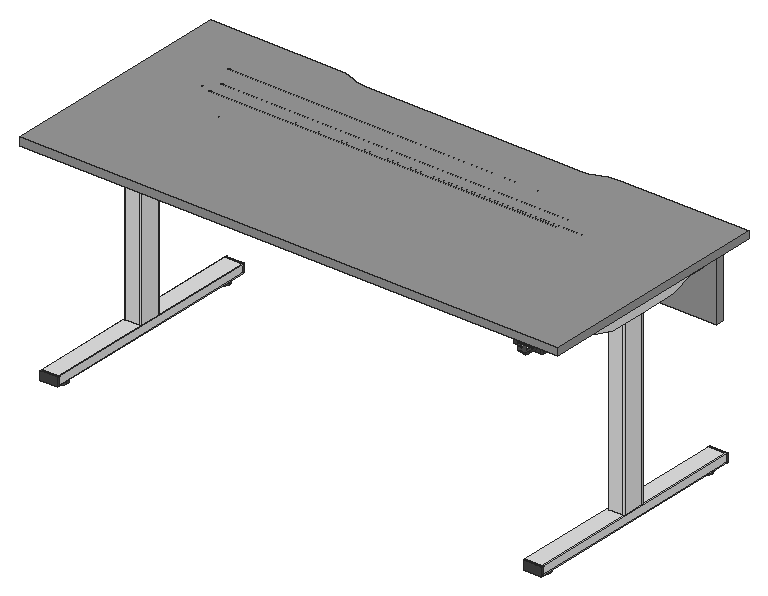
Revit family "Rise LT Rectangular Desk with Scallop Top", category Furniture, Revit 2016 (continued)
Definition of nested family "Cable Tray"
  Automatic sketch dimensions
    Sweep 16 sketch curve to profile plane = 0 mm  (x2)
    Sweep 17 sketch curve to profile plane = 0 mm  (x2)
    Sweep 18 sketch curve to profile plane = 0 mm  (x2)
    Sweep 19 sketch curve to profile plane = 0 mm  (x2)
    Extrusion 1 sketch curve to plane 6 "Desktop Underside" = 61.5 mm  (x2)
    Extrusion 1 sketch curve to plane 7 = 167 mm
    Extrusion 1 sketch curve to Extrusion 1 sketch curve = 31 mm  (x2)
    Extrusion 1 sketch curve to Extrusion 1 sketch curve = 50 mm
    Extrusion 1 sketch curve to Extrusion 1 sketch curve = 30 mm  (x2)
    Extrusion 20 sketch curve to Extrusion 20 sketch curve = 0 mm  (x11)
    Extrusion 20 sketch curve to plane 6 "Desktop Underside" = 0 mm
    Extrusion 20 sketch curve to plane 6 "Desktop Underside" = 31.5 mm
    Extrusion 20 sketch curve to plane 7 = 171.565 mm
    Extrusion 20 sketch curve to Extrusion 20 sketch curve = 0.065 mm  (x2)
    Extrusion 20 sketch curve to Extrusion 20 sketch curve = 3 mm  (x4)
    Extrusion 20 sketch curve to Extrusion 20 sketch curve = 1.5 mm  (x4)
    Extrusion 20 sketch curve to Extrusion 20 sketch curve = 2.634 mm
    Extrusion 20 sketch curve to Extrusion 20 sketch curve = 0.049 mm  (x2)
    Extrusion 20 sketch curve to Extrusion 20 sketch curve = 39.801 mm
    Extrusion 20 sketch curve to Extrusion 20 sketch curve = 6 mm  (x2)
    Extrusion 20 sketch curve to Extrusion 20 sketch curve = 54.484 mm
    Extrusion 20 sketch curve to plane 6 "Desktop Underside" = 5 mm  (x2)
    Extrusion 20 sketch curve to Extrusion 20 sketch curve = 12 mm
    Extrusion 20 sketch curve to Extrusion 20 sketch curve = 36.451 mm
    Extrusion 20 sketch curve to Extrusion 20 sketch curve = 0.35 mm
    Extrusion 20 sketch curve to Extrusion 20 sketch curve = 0.016 mm
    Extrusion 20 sketch curve to plane 6 "Desktop Underside" = 56.074 mm
    Extrusion 20 sketch curve to Extrusion 20 sketch curve = 20.781 mm
    Extrusion 20 sketch curve to Extrusion 20 sketch curve = 5 mm  (x3)
    Extrusion 20 sketch curve to Extrusion 20 sketch curve = 5.426 mm
    Extrusion 20 sketch curve to Extrusion 20 sketch curve = 81.082 mm
    Extrusion 20 sketch curve to Extrusion 20 sketch curve = 3.312 mm
    Extrusion 20 sketch curve to Extrusion 20 sketch curve = 20.355 mm
    Extrusion 20 sketch curve to Extrusion 20 sketch curve = 2 mm  (x2)
    Extrusion 20 sketch curve to Extrusion 20 sketch curve = 0.293 mm  (x2)
    Extrusion 20 sketch curve to Extrusion 20 sketch curve = 3.101 mm
    Extrusion 20 sketch curve to plane 6 "Desktop Underside" = 8.101 mm
    Extrusion 20 sketch curve to Extrusion 20 sketch curve = 0.033 mm
    Extrusion 20 sketch curve to Extrusion 20 sketch curve = 1.263 mm
    Extrusion 21 sketch curve to Extrusion 21 sketch curve = 0 mm  (x11)
    Extrusion 21 sketch curve to plane 6 "Desktop Underside" = 0 mm
    Extrusion 21 sketch curve to plane 6 "Desktop Underside" = 31.5 mm
    Extrusion 21 sketch curve to plane 7 = 171.565 mm
    Extrusion 21 sketch curve to Extrusion 21 sketch curve = 0.065 mm  (x2)
    Extrusion 21 sketch curve to Extrusion 21 sketch curve = 3 mm  (x4)
    Extrusion 21 sketch curve to Extrusion 21 sketch curve = 1.5 mm  (x4)
    Extrusion 21 sketch curve to Extrusion 21 sketch curve = 2.634 mm
    Extrusion 21 sketch curve to Extrusion 21 sketch curve = 0.049 mm  (x2)
    Extrusion 21 sketch curve to Extrusion 21 sketch curve = 39.801 mm
    Extrusion 21 sketch curve to Extrusion 21 sketch curve = 6 mm  (x2)
    Extrusion 21 sketch curve to Extrusion 21 sketch curve = 54.484 mm
    Extrusion 21 sketch curve to plane 6 "Desktop Underside" = 5 mm  (x2)
    Extrusion 21 sketch curve to Extrusion 21 sketch curve = 12 mm
    Extrusion 21 sketch curve to Extrusion 21 sketch curve = 36.451 mm
    Extrusion 21 sketch curve to Extrusion 21 sketch curve = 0.35 mm
    Extrusion 21 sketch curve to Extrusion 21 sketch curve = 0.016 mm
    Extrusion 21 sketch curve to Extrusion 21 sketch curve = 3.101 mm  (x2)
    Extrusion 21 sketch curve to plane 6 "Desktop Underside" = 24.207 mm
    Extrusion 21 sketch curve to Extrusion 21 sketch curve = 7.293 mm
    Extrusion 21 sketch curve to Extrusion 21 sketch curve = 0.293 mm  (x2)
    Extrusion 21 sketch curve to Extrusion 21 sketch curve = 5 mm  (x3)
    Extrusion 21 sketch curve to Extrusion 21 sketch curve = 2 mm
    Extrusion 21 sketch curve to Extrusion 21 sketch curve = 20.355 mm
    Extrusion 21 sketch curve to Extrusion 21 sketch curve = 20.781 mm
    Extrusion 21 sketch curve to Extrusion 21 sketch curve = 5.426 mm
    Extrusion 21 sketch curve to Extrusion 21 sketch curve = 81.082 mm
    Extrusion 21 sketch curve to Extrusion 21 sketch curve = 3.312 mm
    Extrusion 21 sketch curve to Extrusion 21 sketch curve = 0.033 mm
    Extrusion 21 sketch curve to Extrusion 21 sketch curve = 1.263 mm
    radius of Sweep 2 sketch curve = 1.5 mm
    radius of Sweep 3 sketch curve = 1.5 mm
    radius of Sweep 4 sketch curve = 1.5 mm
    radius of Sweep 5 sketch curve = 1.5 mm
    radius of Sweep 6 sketch curve = 1.5 mm
    radius of Sweep 7 sketch curve = 1.5 mm
    radius of Sweep 8 sketch curve = 1.5 mm
    radius of Sweep 9 sketch curve = 1.5 mm
    radius of Sweep 10 sketch curve = 1.5 mm
    radius of Sweep 11 sketch curve = 1.5 mm
    radius of Sweep 12 sketch curve = 1.5 mm
    radius of Sweep 13 sketch curve = 1.5 mm
    radius of Sweep 14 sketch curve = 1.5 mm
    radius of Sweep 15 sketch curve = 1.5 mm
    radius of Sweep 16 sketch curve = 1.5 mm
    radius of Sweep 17 sketch curve = 1.5 mm
    radius of Sweep 18 sketch curve = 1.5 mm
    radius of Sweep 19 sketch curve = 1.5 mm
    radius of Extrusion 1 sketch curve = 1.5 mm  (x4)
Definition of nested family "Modesty Panel"
  Parameters (values of type "Modesty Panel")
    Width = 1800 mm
    URL = "www.gof.co.uk"
    Type Comments = ""
    Range = "RISE LT"
    Product Code = ""
    Modesty Panel Visible = yes
    Modesty Panel = none
    HeightControl [instance] = if(Height < 720 mm, 720 mm, (if(Height > 1200 mm, 1200 mm, Height)))  # 727 mm
    Height [instance] = 727 mm
    Desktop = none
    Model = ""
    Manufacturer = "Gresham Office Furniture"  # constant formula
    Frame = none
    Foot = none
    Assembly Code = "E2020200"
  Reference planes
    plane 1 "Center (Front/Back)": y = 0
    plane 2: z = 0
    plane 3 "Center (Left/Right)": x = 0
    plane 4: x = -900
    plane 5: x = 900
    plane 6 "Desktop Underside": z = 702
    plane 7: y = 400
    plane 8: y = -400
    plane 9 "Foot": z = 15
    plane 10: z = 727
    plane 11 "Modesty Panel": x = -593
    plane 12: x = 593
    plane 13: z = 425
    plane 14: z = 677
    plane 15: y = 375
    plane 16: x = 568
    plane 17: x = -568
    plane 18: x = -813
    plane 19: x = 813
  Forms (mm)
    Extrusion 1, solid, material <- "Frame", visible <- "Modesty Panel Visible"
      sketch origin (-593, 43.228, 0) x (0, 1, 0) y (0, 0, 1)
        loop
          line (161.772, 702) -> (161.772, 677) -> (306.772, 677) -> (306.772, 432) -> (331.772, 432) -> (331.772, 702) -> (161.772, 702)
      from 0 to 25
    Extrusion 2, solid, material <- "Frame", visible <- "Modesty Panel Visible"
      sketch origin (593, 43.228, 0) x (0, 1, 0) y (0, 0, -1)
        loop
          line (161.772, -702) -> (331.772, -702) -> (331.772, -432) -> (306.772, -432) -> (306.772, -677) -> (161.772, -677) -> (161.772, -702)
      from 0 to 25
    Extrusion 3, solid, material <- "Modesty Panel", visible <- "Modesty Panel Visible"
      sketch origin (0, 0, 0) x (0, 1, 0) y (0, 0, 1)
        loop
          line (375, 677) -> (375, 425) -> (400, 425) -> (400, 677) -> (375, 677)
      from -813 to 813
  Dimensions and locks
    equal spacing: plane 4, plane 3 "Center (Left/Right)", plane 5
    "Width": plane 4 to plane 5
    equal spacing: plane 7, plane 1 "Center (Front/Back)", plane 8
    locked: plane 7 to plane 8 at 800
    locked: plane 2 to plane 9 "Foot" at 15
    "HeightControl": plane 10 to level
    locked: plane 10 to plane 6 "Desktop Underside" at 25
    locked: Extrusion 1 sketch curve to Extrusion 1 sketch curve at 170
    locked: Extrusion 1 sketch curve to Extrusion 1 sketch curve at 25  (x2)
    locked: Extrusion 1 sketch curve to Extrusion 1 sketch curve at 270
    locked: Extrusion 1 to Extrusion 1 at 25
    locked: plane 7 to Extrusion 1 at 25
    locked: plane 11 "Modesty Panel" to plane 4 at 307
    locked: plane 12 to plane 5 at 307
    locked: Extrusion 2 sketch curve to Extrusion 2 sketch curve at 170
    locked: Extrusion 2 sketch curve to Extrusion 2 sketch curve at 25  (x2)
    locked: Extrusion 2 sketch curve to Extrusion 2 sketch curve at 270
    locked: Extrusion 2 to Extrusion 2 at 25
    locked: Extrusion 1 to plane 13 at 7
    locked: plane 6 "Desktop Underside" to plane 14 at 25
    locked: plane 7 to plane 15 at 25
    locked: plane 16 to plane 12 at 25
    locked: plane 17 to plane 11 "Modesty Panel" at 25
    locked: plane 13 to plane 14 at 252
    locked: plane 4 to plane 18 at 87
    locked: plane 19 to plane 5 at 87
    aligned and locked: level to plane 2
    aligned and locked: plane 6 "Desktop Underside" to Extrusion 1
    aligned and locked: Extrusion 1 to plane 11 "Modesty Panel"
    aligned and locked: Extrusion 2 to plane 12
    aligned and locked: Extrusion 3 to plane 14
    aligned and locked: Extrusion 3 to plane 13
    aligned and locked: Extrusion 3 to plane 18
    aligned and locked: Extrusion 3 to plane 19
  Automatic sketch dimensions
    Extrusion 1 sketch curve to plane 6 "Desktop Underside" = 0 mm
    Extrusion 1 sketch curve to plane 7 = 195 mm
    Extrusion 2 sketch curve to plane 6 "Desktop Underside" = 0 mm
    Extrusion 2 sketch curve to plane 7 = 195 mm
    Extrusion 3 sketch curve to plane 13 = 0 mm
    Extrusion 3 sketch curve to plane 15 = 0 mm
    Extrusion 3 sketch curve to plane 7 = 0 mm
    plane 14 to Extrusion 3 sketch curve = 0 mm
Types (17, lengths in mm): name | Width | Product Code | Modesty Panel Visible | Modesty Panel | HeightControl | Height | Cable Tray Visible | Cable Tray
  (no name) | 1800 | "HDLS18S" | yes | "" | 727 | 727 | yes | ""
  1600 x 800 | 1600 | "HDLS16S" | no | "" | 727 | 727 | no | ""
  1800 x 800 | 1800 | "HDLS18S" | no | "" | 727 | 727 | no | ""
  1200 x 800 | 1200 | "HDLS12S" | no | "" | 1200 | 1200 | no | ""
  1400 x 800 | 1400 | "HDLS14S" | no | "" | 727 | 727 | no | ""
  1800 x 800 with Cable Tray | 1800 | "HDLS18S" | no | "BTCPW18" | 727 | 727 | yes | "MECT18"
  1800 x 800 with Modesty Panel | 1800 | "HDLS18S" | yes | "" | 727 | 727 | no | ""
  1800 x 800 with Modesty Panel & Cable Tray | 1800 | "HDLS18S" | yes | "" | 727 | 727 | yes | ""
  1600 x 800 with Cable Tray | 1600 | "HDLS16S" | no | "" | 727 | 727 | yes | "MECT16"
  1600 x 800 with Modesty Panel | 1600 | "HDLS16S" | yes | "BTCPW16" | 727 | 727 | no | ""
  1600 x 800 with Modesty Panel & Cable Tray | 1600 | "HDLS16S" | yes | "BTCPW16" | 727 | 727 | yes | "MECT16"
  1400 x 800 with Cable Tray | 1400 | "HDLS14S" | no | "" | 727 | 727 | yes | "MECT14"
  1400 x 800 with Modesty Panel | 1400 | "HDLS14S" | yes | "BTCPW14" | 727 | 727 | no | ""
  1400 x 800 with Modesty Panel & Cable Tray | 1400 | "HDLS14S" | yes | "BTCPW14" | 727 | 727 | yes | "MECT14"
  1200 x 800 with Cable Tray | 1200 | "HDLS12S" | no | "" | 727 | 727 | yes | "MECT12"
  1200 x 800 with Modesty Panel | 1200 | "HDLS12S" | yes | "BTCPW12" | 727 | 727 | no | ""
  1200 x 800 with Modesty Panel & Cable Tray | 1200 | "HDLS12S" | yes | "BTCPW12" | 727 | 727 | yes | "MECT12"
